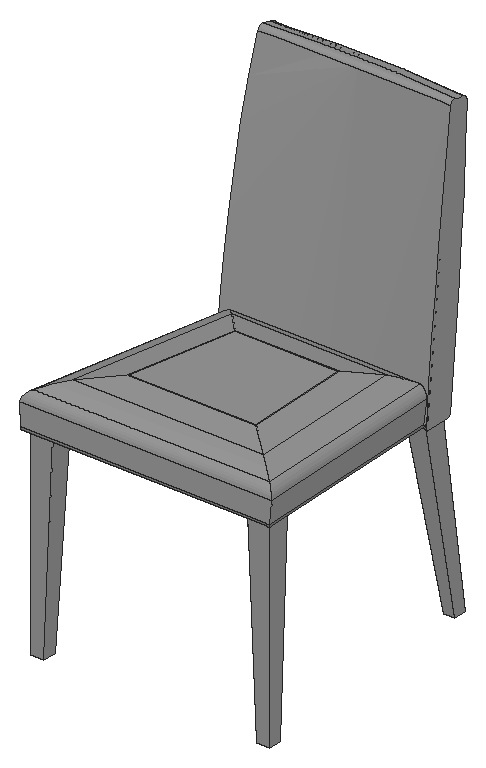
Revit family "Andreu World_Anna_SI1372", category Furniture, Revit 2013
Parameters (values of type "SI-1372")
  Wood = Andreu World Beech
  Width = 470 mm
  Upholstery Material = Andreu World Fabric
  URL = "http://www.andreuworld.com/"
  Seat Height = 460 mm
  Reference = "SI-1372"
  Model = "Anna"
  Manufacturer = "Andreu World"
  Height = 875 mm
  Front Legs Height = 435 mm
  Description = "Chair with upholstered seat and backrest and solid beech wood frame. Low back version."
  Depth = 540 mm
  Arms Height = 650 mm
Reference planes
  plane 1 "Center (Front/Back)": y = 0
  plane 2: z = 0
  plane 3 "Center (Left/Right)": x = 0
  plane 4 "Left": x = -235
  plane 5 "Right": x = 235
  plane 6 "Back": y = 270
  plane 7 "Front": y = -270
  plane 8 "Seat Height": z = 460
  plane 9 "Height": z = 875
  plane 10 "Front Legs Height": z = 435
  plane 11 "Back Legs 01": z = 353.275
  plane 12 "Back Legs Height": z = 845
  plane 13 "Seat Base": through (0, 154.276, 353.275) normal (0, 0.0684, 0.9977)
  plane 14 "Seat Top": through (0, -483.101, 492.171) normal (0, -0.0684, -0.9977)
Forms (mm)
  Blend 1, solid, material "Andreu World Beech" <- "Wood", detail levels medium+fine
    base sketch origin (0, 0, 0) x (1, 0, 0) y (0, 1, 0)
      loop
        line (227.951, -265.797) -> (227.951, -240.797) -> (202.951, -240.797) -> (202.951, -265.797) -> (227.951, -265.797)
    top sketch origin (0, 0, 0) x (1, 0, 0) y (0, 1, 0)
      loop
        line (227.951, -265.797) -> (227.951, -222.797) -> (184.951, -222.797) -> (184.951, -265.797) -> (227.951, -265.797)
    from 0 to 435
  Blend 2, solid, material "Andreu World Beech" <- "Wood", detail levels medium+fine
    base sketch origin (0, 0, 0) x (1, 0, 0) y (0, 1, 0)
      loop
        line (196.335, 239.327) -> (174.335, 239.327) -> (174.335, 217.327) -> (196.335, 217.327) -> (196.335, 239.327)
    top sketch origin (0, 0, 0) x (1, 0, 0) y (0, 1, 0)
      loop
        line (191.448, 194.276) -> (151.448, 194.276) -> (151.448, 154.276) -> (191.448, 154.276) -> (191.448, 194.276)
    from 0 to 353.275
  Blend 3, solid, material "Andreu World Beech" <- "Wood", detail levels medium+fine
    base sketch origin (0, 0, 0) x (-1, 0, 0) y (0, -1, 0)
      loop
        line (227.951, 265.797) -> (202.951, 265.797) -> (202.951, 240.797) -> (227.951, 240.797) -> (227.951, 265.797)
    top sketch origin (0, 0, 0) x (-1, 0, 0) y (0, -1, 0)
      loop
        line (227.951, 265.797) -> (184.951, 265.797) -> (184.951, 222.797) -> (227.951, 222.797) -> (227.951, 265.797)
    from 0 to 435
  Blend 4, solid, material "Andreu World Beech" <- "Wood", detail levels medium+fine
    base sketch origin (0, 0, 0) x (-1, 0, 0) y (0, -1, 0)
      loop
        line (196.335, -239.327) -> (196.335, -217.327) -> (174.335, -217.327) -> (174.335, -239.327) -> (196.335, -239.327)
    top sketch origin (0, 0, 0) x (-1, 0, 0) y (0, -1, 0)
      loop
        line (191.448, -194.276) -> (191.448, -154.276) -> (151.448, -154.276) -> (151.448, -194.276) -> (191.448, -194.276)
    from 0 to 353.275
  Extrusion 5, solid, material "Andreu World Fabric" <- "Upholstery Material"
    sketch origin (0, 24.814, 362.146) x (0, 0.997661, -0.06836) y (-1, 0, 0)
      loop
        line (32.162, 101.99) -> (-194.808, 125.08) -> (-194.808, -119.146) -> (32.162, -96.055) -> (32.162, 101.99)
    from -0.12 to 95
  Sweep 6, solid, material "Andreu World Fabric" <- "Upholstery Material"
    path origin (0, 24.814, 362.146) x (0, 0.997661, -0.06836) y (-1, 0, 0)
      loop
        line (-194.808, 125.08) -> (-194.808, -119.146) -> (32.162, -96.055) -> (32.162, 101.99) -> (-194.808, 125.08)
    profile origin (-2.967, -169.538, 375.463) x (0, 0.997661, -0.06836) y (0, 0.06836, 0.997661)
      loop
        arc (0, 95.057) -> (-27.887, 91.972) -> (-55.299, 85.995) r 268.495
        arc (-55.299, 85.995) -> (-75.105, 78.939) -> (-93.63, 68.993) r 139.838
        arc (-93.63, 68.993) -> (-102.999, 60.15) -> (-106.788, 47.837) r 25.257
        arc (-106.788, 47.837) -> (-106.843, 27.128) -> (-105.324, 6.474) r 272.409
        arc (-105.324, 6.474) -> (-103.641, 1.836) -> (-99.112, -0.12) r 6.223
        line (-99.112, -0.12) -> (0, -0.12) -> (0, 95.057)
  Sweep 7, solid, material "Andreu World Fabric" <- "Upholstery Material"
    path origin (0, 2.567, 875) x (-1, 0, 0) y (0, -1, 0)
      loop
        arc (235, -247.331) -> (0, -261.342) -> (-235, -247.331) r 1977.781
    profile origin (0, 263.91, 875) x (0, 1, 0) y (0, 0, 1)
      loop
        line (-3.389, -0.865) -> (-21.395, 2.361)
        arc (-21.395, 2.361) -> (-28.708, 0.836) -> (-32.924, -5.331) r 10
        arc (-32.924, -5.331) -> (-79.964, -259.524) -> (-109.698, -516.318) r 3818.846
        arc (-109.698, -516.318) -> (-108.391, -520.113) -> (-104.715, -521.725) r 5
        line (-104.715, -521.725) -> (-60.136, -521.725)
        arc (-60.136, -521.725) -> (-56.81, -520.458) -> (-55.169, -517.301) r 5
        line (-55.169, -517.301) -> (3.687, -10.39)
        arc (3.687, -10.39) -> (2.036, -4.226) -> (-3.389, -0.865) r 8.662
  Extrusion 8, void
    sketch origin (0, 0, 0) x (1, 0, 0) y (0, 0, 1)
      loop
        line (-300, 353.275) -> (-200.361, 353.275)
        arc (-200.361, 353.275) -> (-195.912, 642.606) -> (-180, 931.533) r 7300.204
        line (-180, 931.533) -> (-300, 931.533) -> (-300, 353.275)
    from -392.28 to -84.235
  Extrusion 9, void
    sketch origin (0, 0, 0) x (-1, 0, 0) y (0, 0, -1)
      loop
        line (-300, -353.275) -> (-300, -931.533) -> (-180, -931.533)
        arc (-180, -931.533) -> (-195.912, -642.606) -> (-200.361, -353.275) r 7300.204
        line (-200.361, -353.275) -> (-300, -353.275)
    from -392.28 to -84.235
Cuts and joins
  Extrusion 8 cuts Blend 3
  Extrusion 8, Extrusion 9 cuts Sweep 7
Lines and regions (mm)
  model lines, detail levels coarse+medium
    curve 1: line (224.657, -274.173, 0) -> (-224.657, -274.173, 0)
    curve 2: arc (-191.328, 252.066, 0) -> (0, 261.342, 0) -> (191.328, 252.066, 0) r 1977.781
    curve 3: line (-196.335, 217.327, 0) -> (-196.335, 239.327, 0)
    curve 4: line (-174.335, 217.327, 0) -> (-196.335, 217.327, 0)
    curve 5: line (-174.335, 239.327, 0) -> (-174.335, 217.327, 0)
    curve 6: line (174.335, 217.327, 0) -> (174.335, 239.327, 0)
    curve 7: line (196.335, 217.327, 0) -> (174.335, 217.327, 0)
    curve 8: line (196.335, 239.327, 0) -> (196.335, 217.327, 0)
    curve 9: line (174.335, 239.327, 0) -> (196.335, 239.327, 0)
    curve 10: line (202.951, -265.797, 0) -> (227.951, -265.797, 0)
    curve 11: line (202.951, -265.797, 0) -> (202.951, -240.797, 0)
    curve 12: line (202.951, -240.797, 0) -> (227.951, -240.797, 0)
    curve 13: line (227.951, -265.797, 0) -> (227.951, -240.797, 0)
    curve 14: line (-227.951, -240.797, 0) -> (-227.951, -265.797, 0)
    curve 15: line (-227.951, -240.797, 0) -> (-202.951, -240.797, 0)
    curve 16: line (-202.951, -240.797, 0) -> (-202.951, -265.797, 0)
    curve 17: line (-227.951, -265.797, 0) -> (-202.951, -265.797, 0)
    curve 18: arc (224.657, -274.173, 0) -> (232.078, -270.876, 0) -> (234.605, -263.159, 0) r 10
    curve 19: line (-200.361, 148.448, 0) -> (-234.605, -263.159, 0)
    curve 20: arc (-224.657, -274.173, 0) -> (-232.078, -270.876, 0) -> (-234.605, -263.159, 0) r 10
    curve 21: line (-200.361, 148.448, 0) -> (-200.361, 242.113, 0)
    curve 22: line (200.361, 242.113, 0) -> (200.361, 148.448, 0)
    curve 23: line (234.605, -263.159, 0) -> (200.361, 148.448, 0)
    curve 24: arc (-200.361, 175.764, 0) -> (0, 186.342, 0) -> (200.361, 175.764, 0) r 1902.781
    curve 25: arc (-191.328, 252.066, 0) -> (-197.766, 248.833, 0) -> (-200.361, 242.113, 0) r 10
    curve 26: arc (200.361, 242.113, 0) -> (197.766, 248.833, 0) -> (191.328, 252.066, 0) r 10
Dimensions and locks
  "Width": plane 4 "Left" to plane 5 "Right"
  equal spacing: plane 4 "Left", plane 3 "Center (Left/Right)", plane 5 "Right"
  "Depth": plane 6 "Back" to plane 7 "Front"
  equal spacing: plane 6 "Back", plane 1 "Center (Front/Back)", plane 7 "Front"
  "Seat Height": plane 8 "Seat Height" to level
  "Height": plane 9 "Height" to level
  "Front Legs Height": plane 10 "Front Legs Height" to level
  locked: plane 9 "Height" to plane 12 "Back Legs Height" at 30
  plane 8 "Seat Height" to plane 10 "Front Legs Height" = 25 mm
  aligned and locked: level to plane 2
  aligned and locked: Blend 1 sketch curve to var sketch  (x2)
  aligned and locked: Blend 1 to level
  aligned and locked: Blend 2 to plane 11 "Back Legs 01"
  aligned and locked: Blend 2 to level
  aligned and locked: Blend 3 sketch curve to var sketch  (x2)
  aligned and locked: Extrusion 5 to plane 14 "Seat Top"
  aligned and locked: Sweep 6 sketch curve to Extrusion 5  (x5)
  aligned and locked: Sweep 6 to curve 1
  aligned and locked: curve 3 to Blend 4
  aligned and locked: curve 4 to Blend 4
  aligned and locked: curve 5 to Blend 4
  aligned and locked: Blend 1 to curve 10
  aligned and locked: curve 11 to Blend 1
  aligned and locked: curve 12 to Blend 1
  aligned and locked: curve 13 to Blend 1
  aligned and locked: cut or joined group of Blend 3, Extrusion 8 to curve 14
  aligned and locked: curve 15 to cut or joined group of Blend 3, Extrusion 8
  aligned and locked: curve 16 to cut or joined group of Blend 3, Extrusion 8
  aligned and locked: curve 17 to cut or joined group of Blend 3, Extrusion 8
Automatic sketch dimensions
  plane 7 "Front" to Blend 1 sketch curve = 4.203 mm
  Blend 1 sketch curve to plane 5 "Right" = 32.049 mm
  Blend 1 sketch curve to plane 5 "Right" = 7.049 mm
  plane 7 "Front" to Blend 1 sketch curve = 29.203 mm
  Blend 1 sketch curve to plane 5 "Right" = 50.049 mm
  plane 7 "Front" to Blend 1 sketch curve = 47.203 mm
  Blend 2 sketch curve to plane 5 "Right" = 60.665 mm
  Blend 2 sketch curve to plane 6 "Back" = 52.673 mm
  Blend 2 sketch curve to Blend 2 sketch curve = 22 mm  (x2)
  Blend 2 sketch curve to plane 5 "Right" = 83.552 mm
  Blend 2 sketch curve to plane 5 "Right" = 43.552 mm
  Blend 2 sketch curve to plane 6 "Back" = 115.724 mm
  Blend 2 sketch curve to Blend 2 sketch curve = 40 mm
  Blend 3 sketch curve to plane 7 "Front" = 4.203 mm
  Blend 3 sketch curve to plane 4 "Left" = 32.049 mm
  Blend 3 sketch curve to plane 4 "Left" = 7.049 mm
  Blend 3 sketch curve to plane 7 "Front" = 29.203 mm
  Blend 3 sketch curve to plane 4 "Left" = 50.049 mm
  Blend 3 sketch curve to plane 7 "Front" = 47.203 mm
  Blend 4 sketch curve to plane 4 "Left" = 60.665 mm
  plane 6 "Back" to Blend 4 sketch curve = 52.673 mm
  Blend 4 sketch curve to Blend 4 sketch curve = 22 mm  (x2)
  Blend 4 sketch curve to plane 4 "Left" = 83.552 mm
  Blend 4 sketch curve to plane 4 "Left" = 43.552 mm
  plane 6 "Back" to Blend 4 sketch curve = 115.724 mm
  Blend 4 sketch curve to Blend 4 sketch curve = 40 mm
  plane 4 "Left" to Extrusion 5 sketch curve = 109.92 mm
  Extrusion 5 sketch curve to plane 5 "Right" = 115.854 mm
  plane 3 "Center (Left/Right)" to Extrusion 5 sketch curve = 96.055 mm
  Extrusion 5 sketch curve to plane 3 "Center (Left/Right)" = 101.99 mm
  Extrusion 5 sketch curve to Extrusion 5 sketch curve = 226.97 mm
  Sweep 6 sketch curve to plane 13 "Seat Base" = 0.12 mm
  profile plane to Sweep 6 sketch curve = 99.112 mm
  plane 13 "Seat Base" to Sweep 6 sketch curve = 95.057 mm
  Sweep 6 sketch curve to Sweep 6 sketch curve = 7.677 mm
  Sweep 6 sketch curve to Sweep 6 sketch curve = 0 mm  (x2)
  Sweep 6 sketch curve to Sweep 6 sketch curve = 6.212 mm
  Sweep 6 sketch curve to Sweep 6 sketch curve = 13.158 mm
  Sweep 6 sketch curve to Sweep 6 sketch curve = 12.078 mm
  Sweep 6 sketch curve to Sweep 6 sketch curve = 38.331 mm
  profile plane to Sweep 6 sketch curve = 18.407 mm
  Sweep 6 sketch curve to profile plane = 15.535 mm
  plane 13 "Seat Base" to Sweep 6 sketch curve = 36.765 mm
  Sweep 6 sketch curve to profile plane = 165.396 mm
  Sweep 6 sketch curve to plane 13 "Seat Base" = 172.988 mm
  Sweep 7 sketch curve to plane 5 "Right" = 0 mm
  Sweep 7 sketch curve to plane 3 "Center (Left/Right)" = 0 mm
  Sweep 7 sketch curve to plane 4 "Left" = 0 mm
  Sweep 7 sketch curve to plane 6 "Back" = 20.101 mm
  Sweep 7 sketch curve to plane 7 "Front" = 1443.872 mm
  profile plane to Sweep 7 sketch curve = 104.715 mm
  Sweep 7 sketch curve to plane 9 "Height" = 521.725 mm
  Sweep 7 sketch curve to Sweep 7 sketch curve = 44.579 mm
  Sweep 7 sketch curve to Sweep 7 sketch curve = 4.967 mm
  plane 9 "Height" to Sweep 7 sketch curve = 2.361 mm
  profile plane to Sweep 7 sketch curve = 21.395 mm
  Sweep 7 sketch curve to plane 9 "Height" = 0.865 mm
  profile plane to Sweep 7 sketch curve = 3.389 mm
  Sweep 7 sketch curve to profile plane = 3.687 mm
  Sweep 7 sketch curve to Sweep 7 sketch curve = 4.983 mm
  Sweep 7 sketch curve to Sweep 7 sketch curve = 0 mm  (x2)
  Sweep 7 sketch curve to plane 9 "Height" = 5.331 mm
  Sweep 7 sketch curve to Sweep 7 sketch curve = 11.529 mm
  Sweep 7 sketch curve to plane 9 "Height" = 7.483 mm
  profile plane to Sweep 7 sketch curve = 4.917 mm
  Sweep 7 sketch curve to Sweep 7 sketch curve = 4.423 mm
  Sweep 7 sketch curve to plane 9 "Height" = 10.39 mm
  Extrusion 8 sketch curve to plane 11 "Back Legs 01" = 0 mm
  Extrusion 8 sketch curve to plane 4 "Left" = 65 mm
  plane 9 "Height" to Extrusion 8 sketch curve = 56.533 mm
  plane 4 "Left" to Extrusion 8 sketch curve = 34.639 mm
  Extrusion 8 sketch curve to Extrusion 8 sketch curve = 120 mm
  Extrusion 8 sketch curve to plane 11 "Back Legs 01" = 32.446 mm
  Extrusion 9 sketch curve to plane 11 "Back Legs 01" = 0 mm
  Extrusion 9 sketch curve to plane 5 "Right" = 65 mm
  Extrusion 9 sketch curve to plane 9 "Height" = 56.533 mm
  plane 5 "Right" to Extrusion 9 sketch curve = 34.639 mm
  Extrusion 9 sketch curve to Extrusion 9 sketch curve = 120 mm
  plane 11 "Back Legs 01" to Extrusion 9 sketch curve = 32.446 mm
  curve 2 to curve 24 = 0 mm  (x4)
  plane 4 "Left" to curve 19 = 0.395 mm
  plane 7 "Front" to curve 19 = 6.841 mm
  curve 14 to curve 1 = 3.294 mm
  plane 4 "Left" to curve 21 = 34.639 mm
  curve 21 to curve 3 = 4.025 mm
  curve 3 to curve 5 = 22 mm
  curve 22 to plane 5 "Right" = 34.639 mm
  curve 1 to curve 10 = 3.294 mm
  curve 23 to plane 5 "Right" = 0.395 mm
  curve 25 to curve 2 = 9.033 mm
  curve 25 to curve 2 = 0 mm
  curve 26 to curve 26 = 10 mm
  curve 26 to curve 2 = 0.967 mm
  plane 7 "Front" to curve 23 = 6.841 mm
  curve 19 to curve 3 = 68.88 mm
  curve 22 to curve 7 = 68.88 mm
  curve 19 to curve 24 = 27.316 mm
  curve 5 to curve 25 = 2.786 mm
  curve 3 to curve 21 = 2.786 mm
  curve 6 to plane 5 "Right" = 60.665 mm
  curve 22 to plane 6 "Back" = 121.552 mm
  curve 24 to plane 3 "Center (Left/Right)" = 0 mm
  curve 6 to curve 8 = 22 mm
  curve 3 to curve 25 = 5.975 mm
  curve 6 to curve 6 = 22 mm
  curve 8 to curve 22 = 2.786 mm
